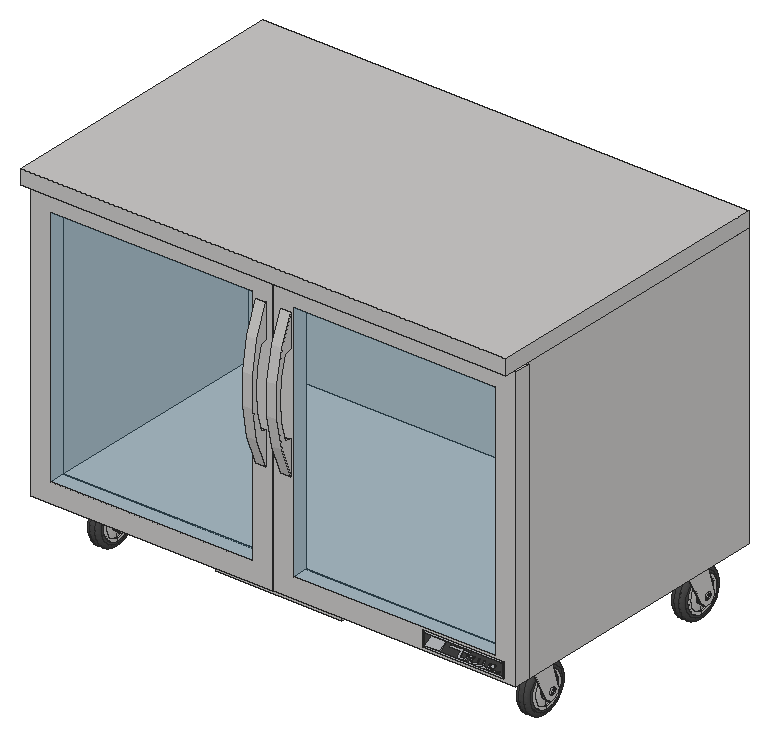
Revit family "QF_TRUE_TUC-48G-HC~FGD01", category Specialty Equipment, Revit 2015
Parameters
  Weight in Pounds = 305
  Watts = FL Amps * Volts  # 345 W
  Volts = 115 V
  URL Manufacturer = "www.truemfg.com"
  URL = "www.truemfg.com"
  Type Mark [instance] = ""
  Status [instance] = ""
  Specification by User [instance] = ""
  Specification by Manufacturer = ""
  Show Seismic Flanged [instance] = no
  Show Low Profile Model [instance] = no
  Show Logo [instance] = yes
  Show Clearance [instance] = yes
  Show ADA Compliant Model [instance] = no
  Show 6 Inches Legs [instance] = no
  Show Default Model [instance] = if(or(Show 6 Inches Legs, Show 2.5 Inches Casters), or(or(Show Low Profile Model, Show ADA Compliant Model), and(Show 6 Inches Legs, Show 2.5 Inches Casters), and(Show 2.5 Inches Casters, Show Seismic Flanged)), if(or(Show Low Profile Model, Show ADA Compliant Model), or(Show Seismic Flanged, and(Show Low Profile Model, Show ADA Compliant Model)), not(Show Seismic Flanged)))  # yes
  Show 2.5 Inches Casters [instance] = no
  Serial Number = ""
  Seismic Rating = ""
  SMACNA No = ""
  Revision Code [instance] = ""
  Phase = 1
  Omniclass Number and Title = ""
  Number of Poles [instance] = 1
  NAFEM Spec ID Number = ""
  Model = "TUC-48G-HC~FGD01"
  Min Ckt Ampacity = 0 A
  Max Overcurrent Protection = 0 A
  MasterSpec. = ""
  Manufacturer = "TRUE"
  Low Profile Model [instance] = and(Show Low Profile Model, not(Show Default Model))  # no
  Length = 48 3/8"
  Item Number [instance] = ""
  Installed By [instance] = ""
  Identify Quantity as Lot [instance] = yes
  Height = 36"
  HP = "1/5"
  Furnished By [instance] = ""
  Foodservice Equipment Identifier [instance] = yes
  FL Amps = 3 A
  Electrical Remarks [instance] = ""
  Electric Connection Type [instance] = ""
  Elec Conn RI Height [instance] = 0"
  Elec Conn Connection Height [instance] = 0"
  Description = "GLASS DOOR REFRIGERATOR WITH HYDROCARBON REFRIGERANT~FRAMED GLASS DOOR VERSION 01"
  Depth = 30 1/8"
  Cycle = 60 Hz
  Conn Plug = "NEMA 5-15P"
  Conn Conduit = yes
  CSI MasterFormat = ""
  CSI Master Format = ""
  Base Height [instance] = if(Show Default Model, 6 1/4", if(Show Low Profile Model, 2 1/8", if(Show Seismic Flanged, 6", if(Show 6 Inches Legs, 6", if(Show 2.5 Inches Casters, 2 1/2", if(Show ADA Compliant Model, 4 1/4", 6 1/4"))))))  # 6 1/4"
  Apparent Power = if(Phase = 3, Volts * FL Amps * 1.73, Volts * FL Amps)  # 345 VA
  ADA Compliant Model [instance] = and(Show ADA Compliant Model, not(Show Default Model))  # no
  6" Seismic Flanged [instance] = and(Show Seismic Flanged, not(Show Default Model))  # no
  6" Legs [instance] = and(or(Show Seismic Flanged, Show 6 Inches Legs), not(Show Default Model))  # no
  2.5" Casters [instance] = and(Show 2.5 Inches Casters, not(Show Default Model))  # no
Reference planes (in)
  plane 1 "BACK": y = -16.5
  plane 2: z = 0
  plane 3 "LEFT": x = 0
  plane 4 "RIGHT": x = 48.375
  plane 5 "FRONT": y = -48.125
  plane 6 "TOP": z = 36
  plane 7: z = 6.25
  plane 8: y = -47.625
  plane 9: y = -17.5
  plane 10: x = 24.1875
  plane 11: x = 2.84375
  plane 12: x = 45.53125
Dimensions and locks (in)
  "Length": plane 3 "LEFT" to plane 4 "RIGHT"
  plane 4 "RIGHT" to plane 3 "LEFT" = 48 3/8"
  plane 5 "FRONT" to plane 1 "BACK" = 31 5/8"
  "Base Height": plane 7 to level
  equal spacing: plane 3 "LEFT", plane 10, plane 4 "RIGHT"
  plane 5 "FRONT" to plane 8 = 1/2"
  plane 8 to plane 9 to plane 1 "BACK" = 30 1/8", 1"
  plane 1 "BACK" to plane 9 to plane 5 "FRONT" = 1", 30 5/8"
  "Depth": plane 9 to plane 8
  nested 1 to nested 1 to plane 4 "RIGHT" = 12 5/8", 19 5/8"
  plane 1 "BACK" to nested 1 = 52 5/8"
  locked: plane 6 "TOP" to plane 7 at 29.75
  plane 6 "TOP" to level = 36"
  aligned and locked: level to plane 2
  aligned and locked: plane 7 to nested 1
Nested families (in)
  nested 1: "TUC-48G-HC-FGD01" at (0, 0, 2.3125), Show Logo <- "Show Logo", Show Clearance <- "Show Clearance", type "TUC-48G-HC-FGD01"
    with Show Logo yes, Show Clearance yes
  nested 2: "Caster-Legs" at (2.84375, -21.74082, 0), Show Siesmic Flanged <- "6" Seismic Flanged", Show Legs <- "6" Legs", Low Profile <- "Low Profile Model", Show 2.5 Casters <- "2.5" Casters", Show 6" Casters <- "Show Default Model", Show 4" Casters <- "Show ADA Compliant Model", type "Caster-Legs"
    with Type Mark "", Status "", Specification by User "", Show Siesmic Flanged no, Show Legs no, Show 6" Casters yes, Show 5" Casters no, Show 4" Casters no, Show 2.5 Casters no, Revision Code "", Low Profile no, Item Number "", Installed By "", Identify Quantity as Lot yes, Furnished By "", Foodservice Equipment Identifier yes
  nested 3: "Caster-Legs" at (45.53125, -21.74082, 0), Show Siesmic Flanged <- "6" Seismic Flanged", Show Legs <- "6" Legs", Low Profile <- "Low Profile Model", Show 2.5 Casters <- "2.5" Casters", Show 6" Casters <- "Show Default Model", Show 4" Casters <- "Show ADA Compliant Model", type "Caster-Legs"
    with Type Mark "", Status "", Specification by User "", Show Siesmic Flanged no, Show Legs no, Show 6" Casters yes, Show 5" Casters no, Show 4" Casters no, Show 2.5 Casters no, Revision Code "", Low Profile no, Item Number "", Installed By "", Identify Quantity as Lot yes, Furnished By "", Foodservice Equipment Identifier yes
  nested 4: "Caster-Legs" at (45.53125, -41.06531, 0), Show Siesmic Flanged <- "6" Seismic Flanged", Show Legs <- "6" Legs", Low Profile <- "Low Profile Model", Show 2.5 Casters <- "2.5" Casters", Show 6" Casters <- "Show Default Model", Show 4" Casters <- "Show ADA Compliant Model", type "Caster-Legs"
    with Type Mark "", Status "", Specification by User "", Show Siesmic Flanged no, Show Legs no, Show 6" Casters yes, Show 5" Casters no, Show 4" Casters no, Show 2.5 Casters no, Revision Code "", Low Profile no, Item Number "", Installed By "", Identify Quantity as Lot yes, Furnished By "", Foodservice Equipment Identifier yes
  nested 5: "Caster-Legs" at (2.84375, -41.06531, 0), Show Siesmic Flanged <- "6" Seismic Flanged", Show Legs <- "6" Legs", Low Profile <- "Low Profile Model", Show 2.5 Casters <- "2.5" Casters", Show 6" Casters <- "Show Default Model", Show 4" Casters <- "Show ADA Compliant Model", type "Caster-Legs"
    with Type Mark "", Status "", Specification by User "", Show Siesmic Flanged no, Show Legs no, Show 6" Casters yes, Show 5" Casters no, Show 4" Casters no, Show 2.5 Casters no, Revision Code "", Low Profile no, Item Number "", Installed By "", Identify Quantity as Lot yes, Furnished By "", Foodservice Equipment Identifier yes
Connectors (in)
  electrical at (44.26917, -17.5, 11.98572), driven by "Volts", driven by "Watts"
    settings: on nested 1, index 3, voltage 115 V, apparent load 345 VA, apparent load phase1 0 VA, apparent load phase2 0 VA, apparent load phase3 0 VA, power factor 1, load classification "Other", number of poles 1, system type 30, power factor state 1, is connector primary yes, connector utility no, sub classification motor no, connector description "ELECTRICAL CONNECTION"
Definition of nested family "TUC-48G-HC-FGD01"
  Parameters (values of type "TUC-48G-HC-FGD01")
    URL = ""
    Show Logo [instance] = yes
    Show Clearance [instance] = yes
    Model = ""
    Manufacturer = ""
    Description = ""
    Assembly Code = ""
  Reference planes (in)
    plane 1 "BACK": y = -16.5
    plane 2: z = 0
    plane 3 "LEFT": x = 0
    plane 4 "RIGHT": x = 48.375
    plane 5 "FRONT": y = -48.125
    plane 6 "TOP": z = 33.6875
    plane 7: z = 3.9375
    plane 8: y = -47.625
    plane 9: x = 24.1875
    plane 10: y = -69.125
  Forms (in)
    Extrusion 1, solid
      sketch origin (0, 0, 0) x (0, 1, 0) y (0, 0, 1)
        loop
          line (-47.625, 33.6875) -> (-47.625, 32.17322) -> (-17.5, 32.17322) -> (-17.5, 33.6875) -> (-47.625, 33.6875)
      from 0 to 48.375
    Extrusion 2, solid
      sketch origin (0, 0, 0) x (0, 1, 0) y (0, 0, 1)
        loop
          line (-44.81701, 32.17322) -> (-44.81701, 3.9375) -> (-17.5, 3.9375) -> (-17.5, 32.17322) -> (-44.81701, 32.17322)
      from 0 to 48.375
    Extrusion 3, solid
      sketch origin (4.5, -13.375, -2.32678) x (1, 0, 0) y (0, 0, 1)
        loop
          line (-4.5, 34.28323) -> (-4.5, 6.25) -> (19.65625, 6.25) -> (19.65625, 34.28323) -> (-4.5, 34.28323)
        loop
          line (-2.5, 32.28323) -> (-2.5, 8.25) -> (17.65625, 8.25) -> (17.65625, 32.28323) -> (-2.5, 32.28323)
      from 31.44201 to 33
    Extrusion 4, solid
      sketch origin (-6, -16.5, -2.9375) x (1, 0, 0) y (0, 0, 1)
        loop
          line (22.125, 6.875) -> (22.125, 4.5625) -> (34.75, 4.5625) -> (34.75, 6.875) -> (22.125, 6.875)
      from 1.69409 to 27
    Extrusion 5, solid
      sketch origin (-6.09375, -13.375, -2.32678) x (1, 0, 0) y (0, 0, 1)
        loop
          line (54.46875, 6.25) -> (54.46875, 34.28323) -> (30.3125, 34.28323) -> (30.3125, 6.25) -> (54.46875, 6.25)
        loop
          line (32.3125, 32.28323) -> (32.3125, 8.25) -> (52.46875, 8.25) -> (52.46875, 32.28323) -> (32.3125, 32.28323)
      from 31.44201 to 33
    Extrusion 6, solid
      sketch origin (26.21875, -13.375, 3.92322) x (0, 0, 1) y (0, -1, 0)
        loop
          line (10.81143, 33) -> (14.16268, 33) -> (14.35491, 33.71738)
          arc (14.35491, 33.71738) -> (18.17297, 34.32288) -> (21.99103, 33.71738) r 12.3404
          line (21.99103, 33.71738) -> (22.18325, 33) -> (25.5345, 33)
          arc (25.5345, 33) -> (18.17297, 34.75) -> (10.81143, 33) r 16.35849
      from -0.32819 to -1.31594
    Extrusion 7, void
      sketch origin (-6, -45.81701, 4.49997) x (0, 0, -1) y (-1, 0, 0)
        loop
          line (-1.42325, -8) -> (-25.45648, -8) -> (-25.45648, -52.375) -> (-1.42325, -52.375) -> (-1.42325, -8)
      from 1 to 24
    Extrusion 8, solid
      sketch origin (4.5, -13.375, -2.32678) x (1, 0, 0) y (0, 0, 1)
        loop
          line (-2.5, 32.28323) -> (-2.5, 8.25) -> (17.65625, 8.25) -> (17.65625, 32.28323) -> (-2.5, 32.28323)
        loop
          line (21.71875, 32.28323) -> (21.71875, 8.25) -> (41.875, 8.25) -> (41.875, 32.28323) -> (21.71875, 32.28323)
      from 31.44201 to 33
    Extrusion 9, solid
      sketch origin (22.15625, -13.375, 3.92322) x (0, 0, 1) y (0, -1, 0)
        loop
          line (10.81143, 33) -> (14.16268, 33) -> (14.35491, 33.71738)
          arc (14.35491, 33.71738) -> (18.17297, 34.32288) -> (21.99103, 33.71738) r 12.3404
          line (21.99103, 33.71738) -> (22.18325, 33) -> (25.5345, 33)
          arc (25.5345, 33) -> (18.17297, 34.75) -> (10.81143, 33) r 16.35849
      from 0.32813 to 1.31641
    Extrusion 10, solid, visible <- "Show Clearance", detail levels coarse
      sketch origin (11.8682, -36.72639, -0.07678) x (-1, 0, 0) y (0, -1, 0)
        loop
          line (11.8682, 9.64861) -> (11.8682, 32.39861)
          arc (11.8682, 32.39861) -> (-4.93283, 26.03845) -> (-12.28805, 9.64861) r 23.42426
          line (-12.28805, 9.64861) -> (11.8682, 9.64861)
      from 4 to 32.03323
    Revolve 11, solid
      sketch origin (-12.93057, -16.5155, 20.92322) x (1, 0, 0) y (0, 1, 0)
        loop
          line (18.64104, -0.9845) -> (19.10979, -0.9845) -> (19.10979, 0.0155) -> (18.64104, 0.0155) -> (18.64104, -0.9845)
        axis (18.64104, -0.9845) -> (18.64104, 0.0155)
      angle from 0 to 360
    Revolve 12, solid
      sketch origin (61.30557, -16.5155, 20.92322) x (-1, 0, 0) y (0, -1, 0)
        loop
          line (18.64104, 0.9845) -> (18.64104, -0.0155) -> (19.10979, -0.0155) -> (19.10979, 0.9845) -> (18.64104, 0.9845)
        axis (18.64104, 0.9845) -> (18.64104, -0.0155)
      angle from 0 to 360
    Extrusion 13, solid
      sketch origin (-13.77458, -17.5, -2.32678) x (1, 0, 0) y (0, 0, 1)
        loop
          circle (58.04375, 12) r 0.25
      from 0 to 0.0625
    Extrusion 14, solid, visible <- "Show Clearance", detail levels coarse
      sketch origin (36.5068, -36.72639, -0.07678) x (1, 0, 0) y (0, 1, 0)
        loop
          line (11.8682, -9.64861) -> (-12.28805, -9.64861)
          arc (-12.28805, -9.64861) -> (-4.93283, -26.03845) -> (11.8682, -32.39861) r 23.42426
          line (11.8682, -32.39861) -> (11.8682, -9.64861)
      from 4 to 32.03323
  Cuts and joins
    Extrusion 7 cuts Extrusion 2
    Extrusion 7 cuts Extrusion 3
    Extrusion 7 cuts Extrusion 5
    Extrusion 7 cuts Extrusion 8
  Lines and regions (in)
    symbolic lines
      curve 1: line (0, -17.5, 0) -> (48.375, -17.5, 0)
      curve 2: line (48.375, -47.625, 0) -> (0, -47.625, 0)
      curve 3: line (48.375, -17.5, 0) -> (48.375, -47.625, 0)
      curve 4: line (6.17922, -16.5, 0) -> (5.24172, -16.5, 0)
      curve 5: line (6.17922, -16.5, 0) -> (6.17922, -17.5, 0)
      curve 6: line (5.24172, -16.5, 0) -> (5.24172, -17.5, 0)
      curve 7: line (42.13328, -16.5, 0) -> (43.07078, -16.5, 0)
      curve 8: line (42.13328, -16.5, 0) -> (42.13328, -17.5, 0)
      curve 9: line (43.07078, -16.5, 0) -> (43.07078, -17.5, 0)
      curve 10: line (0, -17.5, 0) -> (0, -47.625, 0)
      curve 11: line (23.47266, -48.125, 0) -> (22.48437, -48.125, 0)
      curve 12: line (23.47266, -47.625, 0) -> (23.47266, -48.125, 0)
      curve 13: line (22.48437, -47.625, 0) -> (23.47266, -47.625, 0)
      curve 14: line (22.48437, -48.125, 0) -> (22.48437, -47.625, 0)
      curve 15: line (25.89056, -48.125, 0) -> (24.90281, -48.125, 0)
      curve 16: line (25.89056, -47.625, 0) -> (25.89056, -48.125, 0)
      curve 17: line (24.90281, -47.625, 0) -> (25.89056, -47.625, 0)
      curve 18: line (24.90281, -48.125, 0) -> (24.90281, -47.625, 0)
      curve 19: arc (24.28759, -47.625, 0) -> (25.41947, -53.14394, 0) -> (27.83635, -58.23299, 0) r 23.42426
      curve 20: line (27.83635, -58.23299, 0) -> (46.20994, -47.625, 0)
      curve 21: arc (24.08741, -47.625, 0) -> (22.95553, -53.14394, 0) -> (20.53865, -58.23299, 0) r 23.42426
      curve 22: line (20.53865, -58.23299, 0) -> (2.16506, -47.625, 0)
  Dimensions and locks (in)
    plane 3 "LEFT" to plane 4 "RIGHT" = 48 3/8"
    plane 4 "RIGHT" to plane 3 "LEFT" = 48 3/8"
    plane 6 "TOP" to level = 33 11/16"
    plane 5 "FRONT" to plane 1 "BACK" = 31 5/8"  (x2)
    plane 7 to level = 3 15/16"
    plane 6 "TOP" to plane 7 = 29 3/4"
    plane 8 to plane 5 "FRONT" = 1/2"
    equal spacing: plane 3 "LEFT", plane 9, plane 4 "RIGHT"
    cut or joined group of Extrusion 2, Extrusion 7 to plane 1 "BACK" = 1"
    plane 8 to cut or joined group of Extrusion 2, Extrusion 7 = 30 1/8"
    level to Extrusion 4 = 1 5/8"
    Extrusion 4 to plane 7 = 2 5/16"
    plane 10 to plane 1 "BACK" = 52 5/8"
    plane 10 to plane 8 = 21 1/2"
    plane 1 "BACK" to plane 10 = 52 5/8"
    Extrusion 4 to Extrusion 4 to plane 4 "RIGHT" = 12 5/8", 19 5/8"
    aligned and locked: level to plane 2
  Automatic sketch dimensions
    Extrusion 1 sketch curve to plane 8 = 0"
    plane 1 "BACK" to Extrusion 1 sketch curve = 1"
    Extrusion 1 sketch curve to plane 6 "TOP" = 1.51428"
    Extrusion 1 sketch curve to plane 6 "TOP" = 0"
    Extrusion 2 sketch curve to plane 7 = 0"
    plane 8 to Extrusion 2 sketch curve = 2.80799"
    plane 1 "BACK" to Extrusion 2 sketch curve = 1"
    Extrusion 2 sketch curve to plane 6 "TOP" = 1.51428"
    Extrusion 3 sketch curve to plane 3 "LEFT" = 0"
    plane 3 "LEFT" to Extrusion 3 sketch curve = 2"
    plane 9 to Extrusion 3 sketch curve = 2 1/32"
    Extrusion 3 sketch curve to plane 7 = 0.01428"
    plane 9 to Extrusion 3 sketch curve = 1/32"
    plane 7 to Extrusion 3 sketch curve = 1.98572"
    Extrusion 3 sketch curve to plane 6 "TOP" = 3.73105"
    Extrusion 3 sketch curve to plane 6 "TOP" = 1.73105"
    Extrusion 4 sketch curve to plane 7 = 0"
    level to Extrusion 4 sketch curve = 1 5/8"
    plane 9 to Extrusion 4 sketch curve = 8 1/16"
    Extrusion 4 sketch curve to plane 9 = 4 9/16"
    Extrusion 5 sketch curve to plane 4 "RIGHT" = 0"
    Extrusion 5 sketch curve to plane 4 "RIGHT" = 2"
    Extrusion 5 sketch curve to plane 9 = 2 1/32"
    Extrusion 5 sketch curve to plane 9 = 1/32"
    Extrusion 5 sketch curve to plane 7 = 0.01428"
    plane 7 to Extrusion 5 sketch curve = 1.98572"
    Extrusion 5 sketch curve to plane 6 "TOP" = 3.73105"
    Extrusion 5 sketch curve to plane 6 "TOP" = 1.73105"
    Extrusion 6 sketch curve to Extrusion 5 = 0"  (x2)
    Extrusion 5 to Extrusion 6 sketch curve = 8.81143"
    Extrusion 6 sketch curve to Extrusion 6 sketch curve = 3.35125"
    Extrusion 6 sketch curve to Extrusion 5 = 0.71738"  (x2)
    Extrusion 6 sketch curve to Extrusion 6 sketch curve = 0.19222"  (x2)
    Extrusion 6 sketch curve to Extrusion 5 = 7.86027"
    Extrusion 6 sketch curve to Extrusion 6 sketch curve = 0"
    Extrusion 6 sketch curve to Extrusion 5 = 9.45954"
    Extrusion 6 sketch curve to Extrusion 6 sketch curve = 3.59096"
    Extrusion 7 sketch curve to plane 6 "TOP" = 3.73105"
    plane 7 to Extrusion 7 sketch curve = 1.98572"
    Extrusion 7 sketch curve to plane 4 "RIGHT" = 2"
    plane 3 "LEFT" to Extrusion 7 sketch curve = 2"
    plane 3 "LEFT" to Extrusion 8 sketch curve = 2"
    plane 9 to Extrusion 8 sketch curve = 2 1/32"
    Extrusion 8 sketch curve to plane 9 = 2 1/32"
    Extrusion 8 sketch curve to plane 4 "RIGHT" = 2"
    plane 7 to Extrusion 8 sketch curve = 1.98572"  (x2)
    Extrusion 8 sketch curve to plane 6 "TOP" = 3.73105"  (x2)
    Extrusion 9 sketch curve to Extrusion 8 = 0"  (x2)
    Extrusion 9 sketch curve to Extrusion 8 = 8.81143"
    Extrusion 9 sketch curve to Extrusion 9 sketch curve = 3.35125"
    Extrusion 9 sketch curve to Extrusion 8 = 0.71738"  (x2)
    Extrusion 9 sketch curve to Extrusion 9 sketch curve = 0.19222"  (x2)
    Extrusion 9 sketch curve to Extrusion 8 = 7.86027"
    Extrusion 9 sketch curve to Extrusion 9 sketch curve = 0"
    Extrusion 9 sketch curve to Extrusion 8 = 9.45954"
    Extrusion 9 sketch curve to Extrusion 9 sketch curve = 3.59096"
    Extrusion 10 sketch curve to plane 3 "LEFT" = 0"
    Extrusion 10 sketch curve to plane 10 = 0"
    plane 3 "LEFT" to Extrusion 10 sketch curve = 0.74136"
    plane 9 to Extrusion 10 sketch curve = 1/32"
    plane 8 to Extrusion 10 sketch curve = 1 1/4"
    plane 1 "BACK" to Revolve 11 sketch curve = 0"
    plane 1 "BACK" to Revolve 11 sketch curve = 1"
    plane 3 "LEFT" to Revolve 11 sketch curve = 5.71047"
    Revolve 11 sketch curve to Revolve 11 sketch curve = 15/32"
    Revolve 11 sketch curve to Revolve 11 sketch curve = 0"
    Revolve 11 sketch curve to Revolve 11 sketch curve = 0.0155"
    Revolve 11 sketch curve to plane 1 "BACK" = 0.2345"
    plane 1 "BACK" to Revolve 12 sketch curve = 0"
    plane 1 "BACK" to Revolve 12 sketch curve = 1"
    Revolve 12 sketch curve to plane 4 "RIGHT" = 5.71047"
    Revolve 12 sketch curve to Revolve 12 sketch curve = 15/32"
    Revolve 12 sketch curve to Revolve 12 sketch curve = 0"
    Revolve 12 sketch curve to plane 1 "BACK" = 0.2345"
    Revolve 12 sketch curve to Revolve 12 sketch curve = 0.0155"
    Extrusion 13 sketch curve to plane 4 "RIGHT" = 4.10583"
    plane 7 to Extrusion 13 sketch curve = 5.73572"
    Extrusion 14 sketch curve to plane 4 "RIGHT" = 0"
    Extrusion 14 sketch curve to plane 10 = 0"
    Extrusion 14 sketch curve to plane 4 "RIGHT" = 0.74136"
    Extrusion 14 sketch curve to plane 9 = 1/32"
    plane 8 to Extrusion 14 sketch curve = 1 1/4"
    curve 10 to plane 3 "LEFT" = 0"
    curve 22 to plane 8 = 0"
    plane 1 "BACK" to curve 4 = 0"
    curve 14 to plane 8 = 0"
    plane 5 "FRONT" to curve 14 = 0"
    curve 19 to plane 8 = 0"
    plane 5 "FRONT" to curve 18 = 0"
    curve 18 to plane 8 = 0"
    plane 1 "BACK" to curve 7 = 0"
    plane 8 to curve 20 = 0"
    curve 3 to plane 4 "RIGHT" = 0"
    plane 3 "LEFT" to curve 21 = 0.74136"
    plane 3 "LEFT" to curve 4 = 5.24172"
    curve 4 to curve 5 = 15/16"
    plane 9 to curve 22 = 3.64885"
    plane 9 to curve 14 = 1 45/64"
    plane 9 to curve 12 = 183/256"
    curve 18 to plane 9 = 0.71531"
    curve 17 to curve 17 = 0.98776"
    curve 20 to plane 9 = 3.64885"
    curve 7 to plane 4 "RIGHT" = 6.24172"
    curve 7 to curve 9 = 15/16"
    curve 19 to plane 4 "RIGHT" = 0.74136"
    plane 5 "FRONT" to curve 20 = 10.10799"
    curve 22 to curve 19 = 0"
    plane 8 to curve 21 = 1.91253"
    plane 8 to curve 19 = 1.91253"
    plane 1 "BACK" to curve 3 = 1"
    plane 3 "LEFT" to curve 22 = 2.16506"
    curve 20 to plane 4 "RIGHT" = 2.16506"
    radius of Extrusion 13 sketch curve = 1/4"
  Nested families (in)
    nested 1: "QF_LOGO_TRUE" at (39.07846, -46.375, 4.21961), Show Logo <- "Show Logo", type "QF_LOGO_TRUE", detail levels medium+fine
      with Show Logo yes
  Definition of nested family "QF_LOGO_TRUE"
    Parameters (values of type "QF_LOGO_TRUE")
      Show Logo [instance] = yes
    Reference planes (in)
      plane 1 "Center (Front/Back)": y = 0
      plane 2: z = 0
      plane 3 "Center (Left/Right)": x = 0
    Forms (in)
      Extrusion 1, solid, visible <- "Show Logo"
        sketch origin (-78.34647, 34.76905, -30.51001) x (1, 0, 0) y (0, 0, 1)
          loop
            line (81.15226, 31.65456) -> (81.07353, 31.48573) -> (82.12083, 31.48573)
            arc (82.12083, 31.48573) -> (82.14208, 31.44814) -> (82.12083, 31.41055) r 0.04386
            line (82.12083, 31.41055) -> (81.84767, 30.82478)
            arc (81.84767, 30.82478) -> (81.84531, 30.77052) -> (81.882, 30.73048) r 0.07096
            line (81.882, 30.73048) -> (82.55165, 30.73048)
            arc (82.55165, 30.73048) -> (82.63621, 30.75714) -> (82.69019, 30.82748) r 0.14742
            line (82.69019, 30.82748) -> (82.90515, 31.28847) -> (83.10265, 31.28847)
            arc (83.10265, 31.28847) -> (83.15447, 31.26942) -> (83.14697, 31.21472) r 0.04405
            line (83.14697, 31.21472) -> (82.9671, 30.82899)
            arc (82.9671, 30.82899) -> (82.9699, 30.76493) -> (83.02398, 30.73048) r 0.06943
            line (83.02398, 30.73048) -> (83.6124, 30.73048)
            arc (83.6124, 30.73048) -> (83.65748, 30.74689) -> (83.68147, 30.78844) r 0.07014
            arc (83.68147, 30.78844) -> (83.69845, 30.74745) -> (83.73943, 30.73048) r 0.05796
            line (83.73943, 30.73048) -> (84.112, 30.73048)
            arc (84.112, 30.73048) -> (84.15504, 30.74201) -> (84.18655, 30.77352) r 0.08608
            arc (84.18655, 30.77352) -> (84.20164, 30.7371) -> (84.23806, 30.72202) r 0.0515
            line (84.23806, 30.72202) -> (84.76757, 30.72202)
            arc (84.76757, 30.72202) -> (84.81086, 30.73995) -> (84.8288, 30.78324) r 0.06122
            arc (84.8288, 30.78324) -> (84.86848, 30.74355) -> (84.92269, 30.72903) r 0.10842
            line (84.92269, 30.72903) -> (85.91461, 30.72903) -> (86.02479, 30.91987) -> (85.0243, 30.91987)
            arc (85.0243, 30.91987) -> (84.99669, 30.93902) -> (84.99566, 30.97261) r 0.03732
            line (84.99566, 30.97261) -> (85.01297, 31.00972)
            arc (85.01297, 31.00972) -> (85.03954, 31.04453) -> (85.0813, 31.05774) r 0.07263
            line (85.0813, 31.05774) -> (85.40289, 31.05774)
            arc (85.40289, 31.05774) -> (85.4723, 31.07633) -> (85.52311, 31.12715) r 0.13882
            line (85.52311, 31.12715) -> (85.61625, 31.28847)
            arc (85.61625, 31.28847) -> (85.61625, 31.37458) -> (85.54168, 31.41763) r 0.08611
            line (85.54168, 31.41763) -> (85.20227, 31.41763)
            arc (85.20227, 31.41763) -> (85.11574, 31.40294) -> (85.05538, 31.33923) r 0.13863
            line (85.05538, 31.33923) -> (84.89409, 30.99333)
            arc (84.89409, 30.99333) -> (84.84649, 30.9313) -> (84.77191, 30.90778) r 0.13002
            line (84.77191, 30.90778) -> (84.41984, 30.90778)
            arc (84.41984, 30.90778) -> (84.3777, 30.95378) -> (84.38042, 31.0161) r 0.08151
            line (84.38042, 31.0161) -> (84.56766, 31.41763) -> (84.44849, 31.41763) -> (84.25012, 30.99222)
            arc (84.25012, 30.99222) -> (84.21158, 30.94199) -> (84.15119, 30.92296) r 0.10527
            line (84.15119, 30.92296) -> (83.90842, 30.92296)
            arc (83.90842, 30.92296) -> (83.8674, 30.97642) -> (83.87619, 31.04323) r 0.08805
            line (83.87619, 31.04323) -> (84.05078, 31.41763) -> (83.92772, 31.41763) -> (83.72676, 30.98668)
            arc (83.72676, 30.98668) -> (83.68011, 30.94003) -> (83.61639, 30.92296) r 0.12745
            line (83.61639, 30.92296) -> (83.26484, 30.92296)
            arc (83.26484, 30.92296) -> (83.2017, 30.9524) -> (83.19563, 31.0218) r 0.06967
            line (83.19563, 31.0218) -> (83.31118, 31.26961) -> (83.47452, 31.26961)
            arc (83.47452, 31.26961) -> (83.50209, 31.35268) -> (83.56075, 31.41763) r 0.21289
            line (83.56075, 31.41763) -> (82.92244, 31.41763)
            arc (82.92244, 31.41763) -> (82.85151, 31.40191) -> (82.80242, 31.34834) r 0.12081
            line (82.80242, 31.34834) -> (82.6294, 30.9773)
            arc (82.6294, 30.9773) -> (82.58962, 30.93752) -> (82.53528, 30.92296) r 0.10869
            line (82.53528, 30.92296) -> (82.1542, 30.92296)
            arc (82.1542, 30.92296) -> (82.12446, 30.96315) -> (82.13012, 31.01283) r 0.06822
            line (82.13012, 31.01283) -> (82.38156, 31.48573) -> (83.01596, 31.48573) -> (83.09469, 31.65456) -> (82.46029, 31.65456) -> (82.53902, 31.8234) -> (82.31334, 31.8234) -> (82.23461, 31.65456) -> (81.15226, 31.65456)
          loop
            arc (85.15937, 31.26434) -> (85.13191, 31.25698) -> (85.1118, 31.23688) r 0.05494
            line (85.1118, 31.23688) -> (85.09547, 31.18665)
            arc (85.09547, 31.18665) -> (85.10304, 31.16837) -> (85.12133, 31.16079) r 0.02586
            line (85.12133, 31.16079) -> (85.39889, 31.16079)
            arc (85.39889, 31.16079) -> (85.41888, 31.16523) -> (85.43513, 31.1777) r 0.04731
            line (85.43513, 31.1777) -> (85.44863, 31.2402)
            arc (85.44863, 31.2402) -> (85.44466, 31.25693) -> (85.42914, 31.26434) r 0.01994
            line (85.42914, 31.26434) -> (85.15937, 31.26434)
          loop
            line (78.62961, 30.74125) -> (80.12032, 30.74125) -> (80.73891, 31.81268) -> (79.2482, 31.81268) -> (78.62961, 30.74125)
        from 34.76797 to 34.83173
      Extrusion 2, solid, visible <- "Show Logo"
        sketch origin (-142.84857, 34.75108, -33.3546) x (1, 0, 0) y (0, 0, 1)
          loop
            line (150.81107, 34.71978) -> (142.98607, 34.71978) -> (142.98607, 33.4921) -> (150.81107, 33.4921) -> (150.81107, 34.71978)
        from 34.75108 to 34.78125
      Extrusion 3, solid, visible <- "Show Logo"
        sketch origin (-142.84857, 34.75108, -33.3546) x (1, 0, 0) y (0, 0, 1)
          loop
            line (150.94857, 34.85727) -> (142.84857, 34.85727) -> (142.84857, 33.3546) -> (150.94857, 33.3546) -> (150.94857, 34.85727)
          loop
            line (142.98607, 34.71978) -> (142.98607, 33.4921) -> (150.81107, 33.4921) -> (150.81107, 34.71978) -> (142.98607, 34.71978)
        from 34.75108 to 34.81376
      Extrusion 4, solid, not visible
        sketch origin (121.45701, -16.5, 4.98235) x (1, 0, 0) y (0, 0, 1)
          loop
            line (25.20115, 35.89949) -> (25.20115, 33.96647) -> (30.95381, 33.96647) -> (30.95381, 35.89949) -> (25.20115, 35.89949)
        from 31.5 to 31.54261
      Extrusion 5, solid, not visible
        sketch origin (121.45701, -16.5, 4.98235) x (1, 0, 0) y (0, 0, 1)
          loop
            line (26.7387, 34.95472) -> (26.61492, 34.49276) -> (27.038, 34.49276)
            arc (27.038, 34.49276) -> (27.13117, 34.52484) -> (27.18485, 34.60749) r 0.15134
            arc (27.18485, 34.60749) -> (27.20396, 34.68138) -> (27.22435, 34.75493) r 4.37326
            arc (27.22435, 34.75493) -> (27.23458, 34.81765) -> (27.22435, 34.88037) r 0.1974
            arc (27.22435, 34.88037) -> (27.18247, 34.93579) -> (27.11563, 34.95472) r 0.10914
            line (27.11563, 34.95472) -> (26.7387, 34.95472)
          loop
            line (26.90201, 34.80638) -> (26.84645, 34.59903) -> (26.92855, 34.59903)
            arc (26.92855, 34.59903) -> (26.98205, 34.6185) -> (27.01051, 34.6678) r 0.08322
            line (27.01051, 34.6678) -> (27.02399, 34.74424)
            arc (27.02399, 34.74424) -> (27.01491, 34.78454) -> (26.97985, 34.80638) r 0.05353
            line (26.97985, 34.80638) -> (26.90201, 34.80638)
          loop
            line (27.45336, 34.66131) -> (27.76233, 34.66131) -> (27.78859, 34.73909)
            arc (27.78859, 34.73909) -> (27.7878, 34.82039) -> (27.73107, 34.87864) r 0.10925
            arc (27.73107, 34.87864) -> (27.68233, 34.8944) -> (27.63139, 34.89974) r 0.24595
            line (27.63139, 34.89974) -> (27.46708, 34.89974)
            arc (27.46708, 34.89974) -> (27.4068, 34.88073) -> (27.3535, 34.84677) r 0.2421
            arc (27.3535, 34.84677) -> (27.2897, 34.76363) -> (27.26702, 34.66131) r 0.2421
            line (27.26702, 34.66131) -> (27.26702, 34.54477)
            arc (27.26702, 34.54477) -> (27.31618, 34.4956) -> (27.38334, 34.47761) r 0.13431
            line (27.38334, 34.47761) -> (27.59054, 34.47761)
            arc (27.59054, 34.47761) -> (27.63459, 34.48281) -> (27.67622, 34.49812) r 0.18924
            line (27.67622, 34.49812) -> (27.73102, 34.61563)
            arc (27.73102, 34.61563) -> (27.68453, 34.59565) -> (27.63566, 34.58252) r 0.35376
            arc (27.63566, 34.58252) -> (27.55885, 34.56956) -> (27.48204, 34.58252) r 0.23415
            arc (27.48204, 34.58252) -> (27.44492, 34.61362) -> (27.45336, 34.66131) r 0.04838
          loop
            line (27.4842, 34.73042) -> (27.62012, 34.73042) -> (27.62621, 34.76496)
            arc (27.62621, 34.76496) -> (27.58961, 34.80242) -> (27.53739, 34.80638) r 0.0742
            arc (27.53739, 34.80638) -> (27.49747, 34.77773) -> (27.4842, 34.73042) r 0.0742
          loop
            line (27.91616, 34.97572) -> (27.78675, 34.49276) -> (27.98645, 34.49276) -> (28.11586, 34.97572) -> (27.91616, 34.97572)
          loop
            line (28.13678, 34.66131) -> (28.08755, 34.47761) -> (28.27134, 34.47761) -> (28.32056, 34.66131) -> (28.43674, 34.66131) -> (28.47974, 34.78864) -> (28.36519, 34.78864)
            arc (28.36519, 34.78864) -> (28.35733, 34.81649) -> (28.36921, 34.84288) r 0.04231
            arc (28.36921, 34.84288) -> (28.431, 34.8652) -> (28.49617, 34.85686) r 0.13988
            line (28.49617, 34.85686) -> (28.53544, 34.97317)
            arc (28.53544, 34.97317) -> (28.39725, 34.99096) -> (28.25905, 34.97317) r 0.54546
            arc (28.25905, 34.97317) -> (28.20849, 34.91994) -> (28.18197, 34.85147) r 0.1894
            line (28.18197, 34.85147) -> (28.17089, 34.78864) -> (28.11397, 34.78864) -> (28.07985, 34.66131) -> (28.13678, 34.66131)
          loop
            arc (28.74846, 34.89756) -> (28.65884, 34.88533) -> (28.56922, 34.89756) r 0.33455
            line (28.56922, 34.89756) -> (28.45669, 34.47761) -> (28.63593, 34.47761) -> (28.74846, 34.89756)
          loop
            arc (28.60398, 35.01195) -> (28.57699, 34.97173) -> (28.60398, 34.9315) r 0.04347
            line (28.60398, 34.9315) -> (28.75755, 34.9315)
            arc (28.75755, 34.9315) -> (28.78645, 34.96687) -> (28.77911, 35.01195) r 0.0556
            line (28.77911, 35.01195) -> (28.60398, 35.01195)
          loop
            line (28.95336, 34.66131) -> (29.26233, 34.66131) -> (29.28859, 34.73909)
            arc (29.28859, 34.73909) -> (29.2878, 34.82039) -> (29.23107, 34.87864) r 0.10925
            arc (29.23107, 34.87864) -> (29.18233, 34.8944) -> (29.13139, 34.89974) r 0.24595
            line (29.13139, 34.89974) -> (28.96708, 34.89974)
            arc (28.96708, 34.89974) -> (28.9068, 34.88073) -> (28.8535, 34.84677) r 0.2421
            arc (28.8535, 34.84677) -> (28.7897, 34.76363) -> (28.76702, 34.66131) r 0.2421
            line (28.76702, 34.66131) -> (28.76702, 34.54477)
            arc (28.76702, 34.54477) -> (28.81618, 34.4956) -> (28.88334, 34.47761) r 0.13431
            line (28.88334, 34.47761) -> (29.09054, 34.47761)
            arc (29.09054, 34.47761) -> (29.13459, 34.48281) -> (29.17622, 34.49812) r 0.18924
            line (29.17622, 34.49812) -> (29.23102, 34.61563)
            arc (29.23102, 34.61563) -> (29.18453, 34.59565) -> (29.13566, 34.58252) r 0.35376
            arc (29.13566, 34.58252) -> (29.05885, 34.56956) -> (28.98204, 34.58252) r 0.23415
            arc (28.98204, 34.58252) -> (28.94492, 34.61362) -> (28.95336, 34.66131) r 0.04838
          loop
            line (28.9842, 34.73042) -> (29.12012, 34.73042) -> (29.12621, 34.76496)
            arc (29.12621, 34.76496) -> (29.08961, 34.80242) -> (29.03739, 34.80638) r 0.0742
            arc (29.03739, 34.80638) -> (28.99747, 34.77773) -> (28.9842, 34.73042) r 0.0742
          loop
            line (29.41616, 34.97572) -> (29.28675, 34.49276) -> (29.48645, 34.49276) -> (29.61586, 34.97572) -> (29.41616, 34.97572)
          loop
            line (29.99836, 34.97572) -> (29.95192, 34.80242)
            arc (29.95192, 34.80242) -> (29.94473, 34.85705) -> (29.90102, 34.89059) r 0.07199
            arc (29.90102, 34.89059) -> (29.80023, 34.89941) -> (29.70251, 34.87322) r 0.29131
            arc (29.70251, 34.87322) -> (29.61806, 34.7652) -> (29.5896, 34.63108) r 0.30433
            line (29.5896, 34.63108) -> (29.5896, 34.55572)
            arc (29.5896, 34.55572) -> (29.61075, 34.50463) -> (29.66184, 34.48348) r 0.07224
            line (29.66184, 34.48348) -> (29.78537, 34.48348)
            arc (29.78537, 34.48348) -> (29.83854, 34.51313) -> (29.88504, 34.55243) r 0.31609
            line (29.88504, 34.55243) -> (29.86905, 34.49276) -> (30.05973, 34.49276) -> (30.18914, 34.97572) -> (29.99836, 34.97572)
          loop
            arc (29.84537, 34.75931) -> (29.79424, 34.71128) -> (29.77745, 34.64317) r 0.12371
            arc (29.77745, 34.64317) -> (29.80071, 34.59901) -> (29.85056, 34.59647) r 0.05045
            arc (29.85056, 34.59647) -> (29.90141, 34.64047) -> (29.92536, 34.7033) r 0.13769
            arc (29.92536, 34.7033) -> (29.90211, 34.75521) -> (29.84537, 34.75931) r 0.05543
          loop
            line (26.45047, 35.26762) -> (26.58211, 35.26762)
            arc (26.58211, 35.26762) -> (26.60467, 35.30821) -> (26.62126, 35.35157) r 0.3277
            arc (26.62126, 35.35157) -> (26.62714, 35.39992) -> (26.60877, 35.44503) r 0.09693
            arc (26.60877, 35.44503) -> (26.56454, 35.48868) -> (26.50462, 35.50516) r 0.12312
            arc (26.50462, 35.50516) -> (26.44158, 35.50565) -> (26.37854, 35.50546) r 5.76967
            arc (26.37854, 35.50546) -> (26.07462, 35.42923) -> (25.81045, 35.26076) r 0.97743
            line (25.81045, 35.26076) -> (25.85921, 35.26076)
            arc (25.85921, 35.26076) -> (26.08494, 35.39361) -> (26.3396, 35.45485) r 0.88817
            arc (26.3396, 35.45485) -> (26.41429, 35.44188) -> (26.47267, 35.39352) r 0.14748
            arc (26.47267, 35.39352) -> (26.48041, 35.32725) -> (26.45047, 35.26762) r 0.11636
          loop
            arc (26.35412, 35.17841) -> (26.19578, 35.0555) -> (26.00982, 34.98069) r 0.72453
            arc (26.00982, 34.98069) -> (25.9036, 34.95581) -> (25.79459, 34.9604) r 0.40201
            arc (25.79459, 34.9604) -> (25.7275, 34.98819) -> (25.69972, 35.05528) r 0.09488
            arc (25.69972, 35.05528) -> (25.71867, 35.12629) -> (25.77049, 35.17841) r 0.1425
            line (25.77049, 35.17841) -> (25.73665, 35.18748)
            arc (25.73665, 35.18748) -> (25.67632, 35.09876) -> (25.66924, 34.99171) r 0.20432
            arc (25.66924, 34.99171) -> (25.71443, 34.9227) -> (25.79473, 34.90384) r 0.11116
            arc (25.79473, 34.90384) -> (25.91172, 34.89904) -> (26.02716, 34.91862) r 0.56145
            arc (26.02716, 34.91862) -> (26.27675, 35.021) -> (26.49584, 35.17841) r 1.15683
            line (26.49584, 35.17841) -> (26.35412, 35.17841)
        from 31.54261 to 31.56272
    Dimensions and locks (in)
      aligned and locked: level to plane 2
      aligned and locked: Extrusion 2 to Extrusion 3  (x2)
      aligned and locked: Extrusion 2 sketch curve to Extrusion 3
Definition of nested family "Caster-Legs"
  Parameters (values of type "Caster-Legs")
    Weight = ""
    URL Manufacturer = ""
    URL Cutsheet = ""
    URL = ""
    Type Mark [instance] = ""
    Status [instance] = ""
    Specification by User [instance] = ""
    Specification by Manufacturer = ""
    Show Siesmic Flanged [instance] = yes
    Show Legs [instance] = yes
    Show 6" Casters [instance] = yes
    Show 5" Casters [instance] = yes
    Show 4" Casters [instance] = yes
    Show 2.5 Casters [instance] = yes
    Serial Number = ""
    Seismic Rating = ""
    SMACNA No = ""
    Revision Code [instance] = ""
    Omniclass Number and Title = ""
    NAFEM Spec ID Number = ""
    Model = ""
    MasterSpec. = ""
    Manufacturer = ""
    Low Profile [instance] = yes
    Item Number [instance] = ""
    Installed By [instance] = ""
    Identify Quantity as Lot [instance] = yes
    Furnished By [instance] = ""
    Foodservice Equipment Identifier [instance] = yes
    Description = ""
    CSI MasterFormat = ""
    CSI Master Format = ""
    Assembly Code = ""
  Reference planes (in)
    plane 1: z = 0
    plane 2 "RIGHT": x = 0
    plane 3 "FRONT": y = 0
    plane 4 "TOP": z = 6
    plane 5: z = 2.125
    plane 6: z = 2.5
    plane 7: z = 6.25
    plane 8: z = 4.25
  Forms (in)
    Revolve 1, solid, visible <- "Show Legs"
      sketch origin (11.12172, 0, 0) x (-1, 0, 0) y (0, 0, -1)
        loop
          line (11.12172, -6) -> (11.12172, 0) -> (10.62172, 0) -> (10.62172, -1.30261) -> (10.37172, -1.30261) -> (10.37172, -6) -> (11.12172, -6)
        axis (11.12172, 0) -> (11.12172, -6)
      angle from 0 to 360
    Extrusion 2, solid, visible <- "Show Siesmic Flanged"
      sketch origin (0, 0, 0) x (1, 0, 0) y (0, 1, 0)
        loop
          circle (-0.00825, 0) r 1
      from 0 to 0.125
  Dimensions and locks (in)
    plane 4 "TOP" to level = 6"  (x2)
    locked: Revolve 1 sketch curve to Revolve 1 sketch curve at 1.30261
    locked: Revolve 1 sketch curve to Revolve 1 sketch curve at 0.75
    nested 1 to level = 2 1/2"
    nested 2 to level = 5"
    plane 6 to plane 1 = 2 1/2"
    plane 5 to plane 1 = 2 1/8"
    plane 7 to plane 1 = 6 1/4"
    plane 8 to plane 1 = 4 1/4"
    aligned and locked: level to plane 1
  Nested families (in)
    nested 1: "C2.5" at (-0.0625, -0.86941, 0), 2.5 Inches Caster <- "Show 2.5 Casters", type "C2.5"
      with Type Mark "", Status "", Specification by User "", Revision Code "", Item Number "", Installed By "", Identify Quantity as Lot yes, Furnished By "", Foodservice Equipment Identifier yes, 2.5 Inches Caster yes
    nested 2: "PITCO_5 INCHES CASTER" at (0, 0, 0), Show Casters <- "Show 5" Casters", type "PITCO_5 INCHES CASTER"
      with Type Mark "", Status "", Specification by User "", Show Casters yes, Revision Code "", Item Number "", Installed By "", Identify Quantity as Lot yes, Furnished By "", Foodservice Equipment Identifier yes
    nested 3: "2.13" at (0, 0, 0), 2.5 Inches Caster <- "Low Profile", type "2.13"
      with Type Mark "", Status "", Specification by User "", Revision Code "", Item Number "", Installed By "", Identify Quantity as Lot yes, Furnished By "", Foodservice Equipment Identifier yes, 2.5 Inches Caster yes
    nested 4: "C4" at (0, 0, 0), Show 4 Inches Casters <- "Show 4" Casters", type "C4"
      with Type Mark "", Specification by User "", Show 4 Inches Casters yes, Revision Code "", Item Number "", Installed By "", Identify Quantity as Lot yes, Furnished By "", Foodservice Equipment Identifier yes
    nested 5: "6 Inches Leg & Caster" at (0, 0, 0), Show Casters <- "Show 6" Casters", type "6 Inches Leg & Caster"
      with Type Mark "", Status "", Specification by User "", Show Casters yes, Revision Code "", Item Number "", Installed By "", Identify Quantity as Lot yes, Furnished By "", Foodservice Equipment Identifier yes
  Definition of nested family "C2.5"
    Parameters
      Weight = ""
      URL Manufacturer = ""
      URL Cutsheet = ""
      URL = ""
      Type Mark [instance] = ""
      Status [instance] = ""
      Specification by User [instance] = ""
      Specification by Manufacturer = ""
      Serial Number = ""
      Seismic Rating = ""
      SMACNA No = ""
      Revision Code [instance] = ""
      Omniclass Number and Title = ""
      NAFEM Spec ID Number = ""
      Model = ""
      MasterSpec. = ""
      Manufacturer = ""
      Item Number [instance] = ""
      Installed By [instance] = ""
      Identify Quantity as Lot [instance] = yes
      Furnished By [instance] = ""
      Foodservice Equipment Identifier [instance] = yes
      Description = ""
      CSI MasterFormat = ""
      CSI Master Format = ""
      Assembly Code = ""
      2.5 Inches Caster [instance] = yes
    Reference planes (in)
      plane 1: z = 0
      plane 2 "RIGHT": x = 0
      plane 3 "FRONT": y = 0
      plane 4 "TOP": z = 2.5
    Forms (in)
      Revolve 1, solid, visible <- "2.5 Inches Caster"
        sketch origin (-1.93794, 0.83816, -1.0041) x (1, 0, 0) y (0, 0, 1)
          loop
            line (0.74055, 1.92597) -> (0.74055, 1.85047) -> (0.79055, 1.80047) -> (0.85055, 1.80047) -> (0.85055, 1.6804) -> (1.235, 1.6804) -> (1.235, 1.61305) -> (1.38673, 1.52545) -> (1.4003, 1.4416) -> (1.34375, 1.4416) -> (1.34375, 1.3166) -> (1.375, 1.3166) -> (1.375, 1.0041) -> (2.48438, 1.0041) -> (2.48438, 1.3166) -> (2.51563, 1.3166) -> (2.51563, 1.4416) -> (2.45908, 1.4416) -> (2.47322, 1.52897) -> (2.62438, 1.61624) -> (2.62438, 1.6804) -> (3.04007, 1.6804) -> (3.04007, 1.80047) -> (3.10007, 1.80047) -> (3.15007, 1.85047) -> (3.15007, 1.92597) -> (0.74055, 1.92597)
          axis (0.74055, 1.92597) -> (3.15007, 1.92597)
        angle from 0 to 360
      Extrusion 2, solid, visible <- "2.5 Inches Caster"
        sketch origin (-1.93794, 1.80294, -3.2541) x (0, 1, 0) y (0, 0, 1)
          loop
            line (-0.64294, 5.43229) -> (-0.64294, 5.55298) -> (-2.21294, 5.55298) -> (-2.21294, 5.30272) -> (-1.81966, 5.30272)
            arc (-1.81966, 5.30272) -> (-1.13638, 5.20789) -> (-0.46376, 5.05475) r 8.02767
            arc (-0.46376, 5.05475) -> (-0.19511, 4.95469) -> (0.05138, 4.80832) r 1.60049
            line (0.05138, 4.80832) -> (0.12713, 4.91318)
            arc (0.12713, 4.91318) -> (-0.07255, 5.06376) -> (-0.29048, 5.18644) r 1.8753
            line (-0.29048, 5.18644) -> (-0.22239, 5.30423)
            arc (-0.22239, 5.30423) -> (-0.42776, 5.38437) -> (-0.64294, 5.43229) r 1.44292
        from 1.17357 to 2.70231
      Revolve 3, solid, visible <- "2.5 Inches Caster"
        sketch origin (0, 2.10856, -3.75) x (0, 1, 0) y (0, 0, 1)
          loop
            line (-1.73858, 6.25) -> (-1.73858, 6.04889) -> (-1.05793, 6.04889) -> (-1.05793, 6.25) -> (-1.73858, 6.25)
          axis (-1.73858, 6.04889) -> (-1.73858, 6.25)
        angle from 0 to 360
      Extrusion 4, solid, visible <- "2.5 Inches Caster"
        sketch origin (-1.98481, 1.80294, -1.7541) x (0, 1, 0) y (0, 0, 1)
          loop
            line (-2.21294, 4.05298) -> (-2.21294, 3.80272) -> (-2.13999, 3.80272)
            arc (-2.13999, 3.80272) -> (-1.62379, 3.51899) -> (-1.39241, 2.97729) r 0.90292
            arc (-1.39241, 2.97729) -> (-1.36136, 2.78161) -> (-1.29729, 2.59413) r 1.15385
            arc (-1.29729, 2.59413) -> (-0.94802, 2.37355) -> (-0.6121, 2.61396) r 0.37001
            arc (-0.6121, 2.61396) -> (-0.59625, 2.66241) -> (-0.58446, 2.712) r 0.61695
            arc (-0.58446, 2.712) -> (-0.36134, 3.11665) -> (0.05609, 3.31484) r 0.75313
            line (0.05609, 3.31484) -> (0.12713, 3.41318)
            arc (0.12713, 3.41318) -> (-0.07255, 3.56376) -> (-0.29048, 3.68644) r 1.8753
            line (-0.29048, 3.68644) -> (-0.22239, 3.80423)
            arc (-0.22239, 3.80423) -> (-0.42776, 3.88437) -> (-0.64294, 3.93229) r 1.44292
            line (-0.64294, 3.93229) -> (-0.64294, 4.05298) -> (-2.21294, 4.05298)
        from 2.74918 to 2.90825
      Extrusion 5, solid, visible <- "2.5 Inches Caster"
        sketch origin (1.98481, 1.80294, -1.7541) x (0, 1, 0) y (0, 0, -1)
          loop
            line (-2.21294, -4.05298) -> (-0.64294, -4.05298) -> (-0.64294, -3.93229)
            arc (-0.64294, -3.93229) -> (-0.42776, -3.88437) -> (-0.22239, -3.80423) r 1.44292
            line (-0.22239, -3.80423) -> (-0.29048, -3.68644)
            arc (-0.29048, -3.68644) -> (-0.07255, -3.56376) -> (0.12713, -3.41318) r 1.8753
            line (0.12713, -3.41318) -> (0.05609, -3.31484)
            arc (0.05609, -3.31484) -> (-0.36134, -3.11665) -> (-0.58446, -2.712) r 0.75313
            arc (-0.58446, -2.712) -> (-0.59625, -2.66241) -> (-0.6121, -2.61396) r 0.61695
            arc (-0.6121, -2.61396) -> (-0.94802, -2.37355) -> (-1.29729, -2.59413) r 0.37001
            arc (-1.29729, -2.59413) -> (-1.36136, -2.78161) -> (-1.39241, -2.97729) r 1.15385
            arc (-1.39241, -2.97729) -> (-1.62379, -3.51899) -> (-2.13999, -3.80272) r 0.90292
            line (-2.13999, -3.80272) -> (-2.21294, -3.80272) -> (-2.21294, -4.05298)
        from 2.74918 to 2.90825
    Lines and regions (in)
      symbolic lines, visible <- "2.5 Inches Caster"
        curve 1: line (0.10651, 1.96132, 0) -> (0.80944, 1.55548, 0)
        curve 2: line (-0.89349, 0.22927, 0) -> (0.10651, 1.96132, 0)
        curve 3: line (-0.19056, -0.17657, 0) -> (-0.89349, 0.22927, 0)
        curve 4: line (0.80944, 1.55548, 0) -> (-0.19056, -0.17657, 0)
    Dimensions and locks (in)
      plane 4 "TOP" to level = 2 1/2"  (x2)
      aligned and locked: level to plane 1
  Definition of nested family "PITCO_5 INCHES CASTER"
    Parameters
      Weight = ""
      URL Manufacturer = ""
      URL Cutsheet = ""
      URL = ""
      Type Mark [instance] = ""
      Status [instance] = ""
      Specification by User [instance] = ""
      Specification by Manufacturer = ""
      Show Casters [instance] = yes
      Rubber = none
      Chrome = none
      Serial Number = ""
      Seismic Rating = ""
      SMACNA No = ""
      Revision Code [instance] = ""
      Omniclass Number and Title = ""
      NAFEM Spec ID Number = ""
      Model = ""
      MasterSpec. = ""
      Manufacturer = ""
      Item Number [instance] = ""
      Installed By [instance] = ""
      Identify Quantity as Lot [instance] = yes
      Furnished By [instance] = ""
      Foodservice Equipment Identifier [instance] = yes
      Description = ""
      CSI MasterFormat = ""
      CSI Master Format = ""
      Assembly Code = ""
    Reference planes (in)
      plane 1: z = 0
      plane 2 "RIGHT": x = 0
      plane 3 "FRONT": y = 0
      plane 4 "TOP": z = 5
    Forms (in)
      Revolve 1, solid, visible <- "Show Casters"
        sketch origin (-180, 1.0625, -34.67466) x (0, 0, -1) y (-1, 0, 0)
          loop
            line (-34.67466, -180.64009) -> (-34.67466, -179.35991) -> (-35.17466, -179.35991) -> (-35.17466, -179.48491) -> (-35.42466, -179.48491) -> (-35.42466, -179.64009) -> (-36.48519, -179.60306) -> (-36.48519, -178.85852) -> (-36.5316, -178.85852) -> (-36.5316, -178.71719) -> (-36.70591, -178.71719) -> (-36.70591, -181.28281) -> (-36.5316, -181.28281) -> (-36.5316, -181.14148) -> (-36.48519, -181.14148) -> (-36.48519, -180.39694) -> (-35.42466, -180.35991) -> (-35.42466, -180.51509) -> (-35.17466, -180.51509) -> (-35.17466, -180.64009) -> (-34.67466, -180.64009)
          axis (-36.70591, -181.28281) -> (-36.70591, -178.71719)
        angle from 0 to 360
      Extrusion 2, solid, visible <- "Show Casters"
        sketch origin (0, 0, -1.11142) x (0, -1, 0) y (1, 0, 0)
          loop
            circle (0, 0) r 1.5
        from 5.61142 to 6.11142
      Extrusion 3, solid, visible <- "Show Casters"
        sketch origin (0, 0, 0.289) x (0, -1, 0) y (0, 0, 1)
          loop
            line (1.42156, 3.86198) -> (1.46208, 3.86198) -> (1.43155, 4.211) -> (-1.43155, 4.211)
            arc (-1.43155, 4.211) -> (-1.62474, 4.13098) -> (-1.70476, 3.93778) r 0.27322
            line (-1.70476, 3.93778) -> (-1.70476, 3.78861) -> (-2.9559, 3.78861) -> (-3.22419, 3.39085)
            arc (-3.22419, 3.39085) -> (-3.23009, 3.27831) -> (-3.1335, 3.22027) r 0.1094
            line (-3.1335, 3.22027) -> (-2.16626, 3.22027) -> (-1.76351, 2.11371) -> (-1.82446, 1.68005)
            arc (-1.82446, 1.68005) -> (-1.73191, 1.41127) -> (-1.46007, 1.32816) r 0.31307
            line (-1.46007, 1.32816) -> (-0.60834, 1.47835)
            arc (-0.60834, 1.47835) -> (-0.50841, 1.51771) -> (-0.43181, 1.59299) r 0.26936
            line (-0.43181, 1.59299) -> (0.91808, 3.59427)
            arc (0.91808, 3.59427) -> (1.13645, 3.7909) -> (1.42156, 3.86198) r 0.60732
        from 0.84601 to 1.05998
      Extrusion 4, solid, visible <- "Show Casters"
        sketch origin (0, 0, -0.82242) x (0, -1, 0) y (0, 0, -1)
          loop
            line (1.43155, -5.32242) -> (1.46208, -4.9734) -> (1.42156, -4.9734)
            arc (1.42156, -4.9734) -> (1.13645, -4.90232) -> (0.91808, -4.70569) r 0.60732
            line (0.91808, -4.70569) -> (-0.43181, -2.70441)
            arc (-0.43181, -2.70441) -> (-0.50841, -2.62913) -> (-0.60834, -2.58977) r 0.26936
            line (-0.60834, -2.58977) -> (-1.46007, -2.43958)
            arc (-1.46007, -2.43958) -> (-1.73191, -2.52269) -> (-1.82446, -2.79147) r 0.31307
            line (-1.82446, -2.79147) -> (-1.76351, -3.22513) -> (-2.16626, -4.33169) -> (-3.1335, -4.33169)
            arc (-3.1335, -4.33169) -> (-3.23009, -4.38973) -> (-3.22419, -4.50227) r 0.1094
            line (-3.22419, -4.50227) -> (-2.9559, -4.90003) -> (-1.70476, -4.90003) -> (-1.70476, -5.0492)
            arc (-1.70476, -5.0492) -> (-1.62474, -5.2424) -> (-1.43155, -5.32242) r 0.27322
            line (-1.43155, -5.32242) -> (1.43155, -5.32242)
        from 0.84601 to 1.05998
      Extrusion 5, solid, visible <- "Show Casters"
        sketch origin (0, -1.51336, -0.05999) x (0, -1, 0) y (1, 0, 0)
          loop
            line (-2.75201, 0.84601) -> (-4.80631, 0.84601) -> (-5.87734, 0.65974)
            arc (-5.87734, 0.65974) -> (-5.95829, 0.61319) -> (-5.99028, 0.52546) r 0.13629
            line (-5.99028, 0.52546) -> (-5.99028, -0.52546)
            arc (-5.99028, -0.52546) -> (-5.95829, -0.61319) -> (-5.87734, -0.65974) r 0.13629
            line (-5.87734, -0.65974) -> (-4.80631, -0.84601) -> (-2.75201, -0.84601) -> (-2.75201, 0.84601)
        from 4.1376 to 4.55999
    Lines and regions (in)
      symbolic lines, visible <- "Show Casters"
        curve 1: line (0.70901, 2.6399, 0) -> (1.79507, 2.01286, 0)
        curve 2: line (-1.79099, -1.69023, 0) -> (0.70901, 2.6399, 0)
        curve 3: line (-0.70493, -2.31727, 0) -> (-1.79099, -1.69023, 0)
        curve 4: line (1.79507, 2.01286, 0) -> (-0.70493, -2.31727, 0)
    Dimensions and locks (in)
      plane 4 "TOP" to level = 5"  (x2)
      aligned and locked: level to plane 1
  Definition of nested family "2.13"
    Parameters
      Weight = ""
      URL Manufacturer = ""
      URL Cutsheet = ""
      URL = ""
      Type Mark [instance] = ""
      Status [instance] = ""
      Specification by User [instance] = ""
      Specification by Manufacturer = ""
      Serial Number = ""
      Seismic Rating = ""
      SMACNA No = ""
      Revision Code [instance] = ""
      Omniclass Number and Title = ""
      NAFEM Spec ID Number = ""
      Model = ""
      MasterSpec. = ""
      Manufacturer = ""
      Item Number [instance] = ""
      Installed By [instance] = ""
      Identify Quantity as Lot [instance] = yes
      Furnished By [instance] = ""
      Foodservice Equipment Identifier [instance] = yes
      Description = ""
      CSI MasterFormat = ""
      CSI Master Format = ""
      Assembly Code = ""
      2.5 Inches Caster [instance] = yes
    Reference planes (in)
      plane 1: z = 0
      plane 2 "RIGHT": x = 0
      plane 3 "FRONT": y = 0
      plane 4 "TOP": z = 2.125
    Forms (in)
      Revolve 1, solid, visible <- "2.5 Inches Caster"
        sketch origin (-1.93794, 0.83816, -1.0041) x (1, 0, 0) y (0, 0, 1)
          loop
            line (0.74055, 1.76972) -> (0.74055, 1.69422) -> (0.79055, 1.64422) -> (0.85055, 1.64422) -> (0.85055, 1.52415) -> (1.235, 1.52415) -> (1.235, 1.4568) -> (1.38673, 1.3692) -> (1.4003, 1.28535) -> (1.34375, 1.28535) -> (1.34375, 1.16035) -> (1.375, 1.16035) -> (1.375, 1.0041) -> (1.87544, 1.0041) -> (1.87544, 1.52415) -> (2.00044, 1.52415) -> (2.00044, 1.0041) -> (2.48438, 1.0041) -> (2.48438, 1.16035) -> (2.51563, 1.16035) -> (2.51563, 1.28535) -> (2.45908, 1.28535) -> (2.47322, 1.37272) -> (2.62438, 1.45999) -> (2.62438, 1.52415) -> (3.04007, 1.52415) -> (3.04007, 1.64422) -> (3.10007, 1.64422) -> (3.15007, 1.69422) -> (3.15007, 1.76972) -> (0.74055, 1.76972)
          axis (0.74055, 1.76972) -> (3.15007, 1.76972)
        angle from 0 to 360
      Extrusion 2, solid, visible <- "2.5 Inches Caster"
        sketch origin (-1.93794, 1.80294, -3.6291) x (0, 1, 0) y (0, 0, 1)
          loop
            line (-0.64294, 5.43229) -> (-0.64294, 5.55298) -> (-2.21294, 5.55298) -> (-2.21294, 5.30272) -> (-1.81966, 5.30272)
            arc (-1.81966, 5.30272) -> (-1.13638, 5.20789) -> (-0.46376, 5.05475) r 8.02767
            arc (-0.46376, 5.05475) -> (-0.19511, 4.95469) -> (0.05138, 4.80832) r 1.60049
            line (0.05138, 4.80832) -> (0.12713, 4.91318)
            arc (0.12713, 4.91318) -> (-0.07255, 5.06376) -> (-0.29048, 5.18644) r 1.8753
            line (-0.29048, 5.18644) -> (-0.22239, 5.30423)
            arc (-0.22239, 5.30423) -> (-0.42776, 5.38437) -> (-0.64294, 5.43229) r 1.44292
        from 1.17357 to 2.70231
      Revolve 3, solid, visible <- "2.5 Inches Caster"
        sketch origin (0, 2.10856, -4.125) x (0, 1, 0) y (0, 0, 1)
          loop
            line (-1.73858, 6.25) -> (-1.73858, 6.04889) -> (-1.05793, 6.04889) -> (-1.05793, 6.25) -> (-1.73858, 6.25)
          axis (-1.73858, 6.04889) -> (-1.73858, 6.25)
        angle from 0 to 360
      Extrusion 4, solid, visible <- "2.5 Inches Caster"
        sketch origin (-1.98481, 1.80294, -2.1291) x (0, 1, 0) y (0, 0, 1)
          loop
            line (-2.21294, 4.05298) -> (-2.21294, 3.80272) -> (-2.13999, 3.80272)
            arc (-2.13999, 3.80272) -> (-1.62379, 3.51899) -> (-1.39241, 2.97729) r 0.90292
            arc (-1.39241, 2.97729) -> (-1.36136, 2.78161) -> (-1.29729, 2.59413) r 1.15385
            arc (-1.29729, 2.59413) -> (-0.94802, 2.37355) -> (-0.6121, 2.61396) r 0.37001
            arc (-0.6121, 2.61396) -> (-0.59625, 2.66241) -> (-0.58446, 2.712) r 0.61695
            arc (-0.58446, 2.712) -> (-0.36134, 3.11665) -> (0.05609, 3.31484) r 0.75313
            line (0.05609, 3.31484) -> (0.12713, 3.41318)
            arc (0.12713, 3.41318) -> (-0.07255, 3.56376) -> (-0.29048, 3.68644) r 1.8753
            line (-0.29048, 3.68644) -> (-0.22239, 3.80423)
            arc (-0.22239, 3.80423) -> (-0.42776, 3.88437) -> (-0.64294, 3.93229) r 1.44292
            line (-0.64294, 3.93229) -> (-0.64294, 4.05298) -> (-2.21294, 4.05298)
        from 2.74918 to 2.90825
      Extrusion 5, solid, visible <- "2.5 Inches Caster"
        sketch origin (1.98481, 1.80294, -2.1291) x (0, 1, 0) y (0, 0, -1)
          loop
            line (-2.21294, -4.05298) -> (-0.64294, -4.05298) -> (-0.64294, -3.93229)
            arc (-0.64294, -3.93229) -> (-0.42776, -3.88437) -> (-0.22239, -3.80423) r 1.44292
            line (-0.22239, -3.80423) -> (-0.29048, -3.68644)
            arc (-0.29048, -3.68644) -> (-0.07255, -3.56376) -> (0.12713, -3.41318) r 1.8753
            line (0.12713, -3.41318) -> (0.05609, -3.31484)
            arc (0.05609, -3.31484) -> (-0.36134, -3.11665) -> (-0.58446, -2.712) r 0.75313
            arc (-0.58446, -2.712) -> (-0.59625, -2.66241) -> (-0.6121, -2.61396) r 0.61695
            arc (-0.6121, -2.61396) -> (-0.94802, -2.37355) -> (-1.29729, -2.59413) r 0.37001
            arc (-1.29729, -2.59413) -> (-1.36136, -2.78161) -> (-1.39241, -2.97729) r 1.15385
            arc (-1.39241, -2.97729) -> (-1.62379, -3.51899) -> (-2.13999, -3.80272) r 0.90292
            line (-2.13999, -3.80272) -> (-2.21294, -3.80272) -> (-2.21294, -4.05298)
        from 2.74918 to 2.90825
    Lines and regions (in)
      symbolic lines, visible <- "2.5 Inches Caster"
        curve 1: line (0.10651, 1.27186, 0) -> (0.80944, 0.86603, 0)
        curve 2: line (-0.89349, -0.46019, 0) -> (0.10651, 1.27186, 0)
        curve 3: line (-0.19056, -0.86603, 0) -> (-0.89349, -0.46019, 0)
        curve 4: line (0.80944, 0.86603, 0) -> (-0.19056, -0.86603, 0)
    Dimensions and locks (in)
      plane 4 "TOP" to level = 2 1/8"  (x2)
      aligned and locked: level to plane 1
  Definition of nested family "C4"
    Parameters (values of type "C4")
      Weight = ""
      URL Manufacturer = ""
      URL Cutsheet = ""
      URL = ""
      Type Mark [instance] = ""
      Specification by User [instance] = ""
      Specification by Manufacturer = ""
      Show 4 Inches Casters [instance] = yes
      Serial Number = ""
      Seismic Rating = ""
      SMACNA No = ""
      Revision Code [instance] = ""
      Omniclass Number and Title = ""
      NAFEM Spec ID Number = ""
      Model = ""
      MasterSpec. = ""
      Manufacturer = ""
      Item Number [instance] = ""
      Installed By [instance] = ""
      Identify Quantity as Lot [instance] = yes
      Furnished By [instance] = ""
      Foodservice Equipment Identifier [instance] = yes
      Description = ""
      CSI MasterFormat = ""
      CSI Master Format = ""
      Assembly Code = ""
    Reference planes (in)
      plane 1: z = 0
